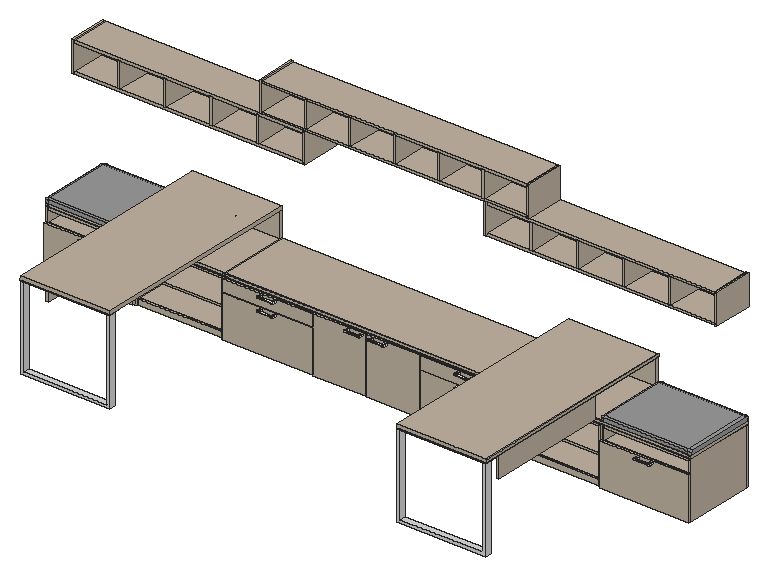
Revit family "JSI-Vision-Typical_Laminate-VST111", category Furniture, Revit 2020 (continued)
Definition of nested family "JSI-Vision-Open_Shelf_File_Modular_Bench_Pedestal"
  Definition of nested family "Label 1-16"
    Reference planes (in)
      plane 2: x = 0
    Text (in)
      label "XX" at (0.00051, -0.12324, 0), shows "Model Name"
Definition of nested family "JSI-Vision-Open_Shelf_Modular_Bench_Pedestal"
  Parameters (values of type "Type Catalog")
    Width = 18"
    URL = "www.jsifurniture.com"
    Top = none
    Tag = "OS"
    Series = "Vision Casegoods"  # constant formula
    Model = "Type Catalog"
    Manufacturer = "JSI"  # constant formula
    Keynote = "12500"
    JSI Enviromental Website = "http://www.jsifurniture.com/jsi_sustainability_intro.php"
    Height = 18 3/4"
    Description = "Type Catalog"
    Depth = 18"
    Default Elevation = 0"
    Chassis = none
    Assembly Code = "E2020200"
  Reference planes (in)
    plane 1 "Center Front/Back": y = 0
    plane 2: z = 0
    plane 3 "Center Left/Right": x = 0
    plane 4: x = 18
    plane 5: x = 0.18716
    plane 6: x = 17.81244
    plane 7: z = 9.375
    plane 8: x = 0.75
    plane 9: x = 17.126
    plane 10: y = -0.8125
    plane 11: y = -17.25
    plane 12: x = 9
    plane 13: z = 18.8591
    plane 14: z = 18.75
    plane 15: z = 8.625
    plane 16: z = 1.9375
    plane 17: z = 1.1875
    plane 18: y = -17.875
    plane 19: y = -16.25
    plane 20: y = -17
    plane 21: y = -18
    plane 22: z = 18.1091
  Forms (in)
    Extrusion 1, solid, material <- "Chassis"
      sketch origin (0.125, -0.1875, 48) x (0, 1, 0) y (0, 0, 1)
        loop
          line (0.1875, -29.1409) -> (-17.0625, -29.1409) -> (-17.0625, -48) -> (0.1875, -48) -> (0.1875, -29.1409)
      from -0.125 to 0.625
    Extrusion 2, solid, material <- "Chassis"
      sketch origin (29.875, -0.1875, 48) x (0, 1, 0) y (0, 0, 1)
        loop
          line (0.1875, -29.1409) -> (-17.0625, -29.1409) -> (-17.0625, -48) -> (0.1875, -48) -> (0.1875, -29.1409)
      from -12.749 to -11.875
    Extrusion 3, solid, material <- "Chassis"
      sketch origin (0, 0, 0) x (1, 0, 0) y (0, 1, 0)
        loop
          line (0.75, -16.25) -> (0.75, -17) -> (17.126, -17) -> (17.126, -16.25) -> (0.75, -16.25)
      from 0 to 1.9375
    Extrusion 4, solid, material <- "Chassis"
      sketch origin (0, 0, 0) x (0, 1, 0) y (0, 0, 1)
        loop
          line (-16.25, 9.375) -> (-16.25, 8.625) -> (-0.25, 8.625) -> (-0.25, 9.375) -> (-16.25, 9.375)
        loop
          line (0, 18.1091) -> (0, 18.8591) -> (-17.25, 18.8591) -> (-17.25, 18.1091) -> (0, 18.1091)
        loop
          line (0, 1.1875) -> (0, 1.9375) -> (-16.25, 1.9375) -> (-16.25, 1.1875) -> (0, 1.1875)
      from 0.75 to 17.126
    Extrusion 5, solid, material <- "Chassis"
      sketch origin (0, 0, 0) x (0, 1, 0) y (0, 0, 1)
        loop
          line (0, 18.1091) -> (-0.25, 18.1091) -> (-0.25, 1.9375) -> (0, 1.9375) -> (0, 18.1091)
      from 0.75 to 17.126
  Lines and regions (in)
    symbolic lines
      curve 1: line (0, -17.875, 0) -> (0, 0, 0)
      curve 2: line (18, -17.875, 0) -> (0, -17.875, 0)
      curve 3: line (18, 0, 0) -> (18, -17.875, 0)
    symbolic lines, detail levels medium+fine
      curve 4: line (0, 0, 0) -> (18, 0, 0)
  Dimensions and locks (in)
    locked: plane 14 to plane 13 at 0.1091
    plane 9 to plane 6 to plane 4 = 0.68644" locked, 0.18756" locked
    plane 3 "Center Left/Right" to plane 5 to plane 8 = 0.18716" locked, 0.56284" locked
    "Width": plane 3 "Center Left/Right" to plane 4
    equal spacing: plane 3 "Center Left/Right", plane 12, plane 4
    locked: plane 1 "Center Front/Back" to plane 10 at 0.8125
    plane 16 to plane 17 to level = 3/4" locked, 1 3/16" locked
    plane 19 to plane 20 to plane 11 to plane 18 to plane 21 = 3/4" locked, 1/4" locked, 5/8" locked, 1/8" locked
    "Depth": plane 1 "Center Front/Back" to plane 21
    locked: plane 13 to plane 22 at 0.75
    "Height": level to plane 14
    locked: plane 1 "Center Front/Back" to Extrusion 5 sketch curve at 0.25
    locked: plane 1 "Center Front/Back" to Extrusion 4 sketch curve at 0.25
    aligned and locked: level to plane 2
    aligned and locked: Extrusion 1 sketch curve to level
    aligned and locked: level to Extrusion 2 sketch curve
    aligned and locked: plane 8 to Extrusion 3 sketch curve
    aligned and locked: plane 12 to nested 1
    aligned and locked: plane 3 "Center Left/Right" to curve 1
    aligned and locked: curve 3 to plane 4
    aligned and locked: plane 7 to Extrusion 4 sketch curve
    aligned and locked: Extrusion 4 sketch curve to plane 15
    aligned and locked: Extrusion 4 to plane 8
    aligned and locked: plane 9 to Extrusion 4
    aligned and locked: plane 19 to Extrusion 3
    aligned and locked: Extrusion 3 to plane 20
    aligned and locked: Extrusion 4 to plane 19
    aligned and locked: plane 13 to Extrusion 4 sketch curve
    aligned and locked: Extrusion 4 sketch curve to plane 11
    aligned and locked: plane 16 to Extrusion 4 sketch curve
    aligned and locked: Extrusion 4 sketch curve to plane 17
    aligned and locked: Extrusion 4 sketch curve to plane 19
    aligned and locked: plane 18 to curve 2
    aligned and locked: nested 1 to plane 21
    aligned and locked: Extrusion 4 to plane 22
    aligned and locked: Extrusion 1 to plane 1 "Center Front/Back"
    aligned and locked: Extrusion 2 to plane 1 "Center Front/Back"
    aligned and locked: Extrusion 4 sketch curve to plane 1 "Center Front/Back"  (x2)
    aligned and locked: plane 1 "Center Front/Back" to Extrusion 5 sketch curve
    aligned and locked: plane 16 to Extrusion 5 sketch curve
    aligned and locked: Extrusion 5 sketch curve to plane 22
    aligned and locked: Extrusion 5 to plane 8
    aligned and locked: plane 9 to Extrusion 5
    aligned and locked: plane 1 "Center Front/Back" to curve 4
    aligned and locked: Extrusion 2 to plane 9
    aligned and locked: plane 4 to Extrusion 2
  Automatic sketch dimensions
    Extrusion 3 sketch curve to plane 9 = 0"
    plane 11 to Extrusion 1 sketch curve = 0"
    plane 11 to Extrusion 2 sketch curve = 0"
    plane 18 to Extrusion 3 sketch curve = 7/8"
    plane 11 to Extrusion 3 sketch curve = 1"
    Extrusion 1 sketch curve to plane 13 = 0"
    Extrusion 2 sketch curve to plane 13 = 0"
    plane 10 to Extrusion 1 sketch curve = 13/16"
    plane 10 to Extrusion 2 sketch curve = 13/16"
    Extrusion 4 sketch curve to plane 19 = 0"
    Extrusion 4 sketch curve to plane 22 = 0"
  Nested families (in)
    nested 1: "Label 1-16" at (9, -18, 0), type "DRWCFG"
  Definition of nested family "Label 1-16"
    Parameters
      Width = 1"
      Model Name = "FF"
    Reference planes (in)
      plane 1: y = 0
      plane 2: x = 0
    Text (in)
      label "XX" at (0.00051, -0.12324, 0), shows "Model Name"
Definition of nested family "JSI-Vision-Bench_Height_Modular_Top"
  Parameters (values of type "Type Catalog")
    Worksurface = none
    Width = 42"
    URL = "www.jsifurniture.com"
    Type Comments = ""
    Series = "Vision Casegoods"  # constant formula
    Model = "Type Catalog"
    Material = ""
    Manufacturer = "JSI"  # constant formula
    Keynote = "12500"
    JSI Enviromental Website = "http://www.jsifurniture.com/jsi_sustainability_intro.php"
    Height = 19 1/2"
    Description = "Type Catalog"
    Depth = 30"
    Default Elevation = 0"
    Assembly Code = "E2020200"
  Reference planes (in)
    plane 1 "Center Front/Back": y = 0
    plane 2: z = 0
    plane 3 "Center Left/Right": x = 0
    plane 4: z = 0
    plane 5: x = 42
    plane 6: y = -30
    plane 7: z = 20.6875
    plane 8: z = 19.5
  Forms (in)
    Extrusion 1, solid, material <- "Worksurface"
      sketch origin (0, 0, 28) x (0, 1, 0) y (0, 0, 1)
        loop
          line (-29.88189, -8.5) -> (0, -8.5) -> (0, -7.3125) -> (-29.88189, -7.3125)
          arc (-29.88189, -7.3125) -> (-29.96541, -7.34709) -> (-30, -7.43061) r 0.11811
          line (-30, -7.43061) -> (-30, -8.38189)
          arc (-30, -8.38189) -> (-29.96541, -8.46541) -> (-29.88189, -8.5) r 0.11811
      from 0 to 42
  Lines and regions (in)
    symbolic lines
      curve 1: line (0, 0, 0) -> (42, 0, 0)
      curve 2: line (0, -30, 0) -> (0, 0, 0)
      curve 3: line (42, -30, 0) -> (0, -30, 0)
      curve 4: line (42, 0, 0) -> (42, -30, 0)
  Dimensions and locks (in)
    "Depth": plane 6 to plane 1 "Center Front/Back"
    "Width": plane 5 to plane 3 "Center Left/Right"
    locked: plane 7 to plane 8 at 1.1875
    "Height": plane 8 to level
    aligned and locked: level to plane 2
    aligned and locked: plane 5 to Extrusion 1
    aligned and locked: curve 1 to Extrusion 1
    aligned and locked: curve 2 to Extrusion 1
    aligned and locked: plane 6 to curve 3
    aligned and locked: curve 4 to plane 5
    aligned and locked: Extrusion 1 to plane 8
    aligned and locked: Extrusion 1 to plane 7
  Automatic sketch dimensions
    Extrusion 1 sketch curve to plane 6 = 0"
    level to Extrusion 1 sketch curve = 19 1/2"
    Extrusion 1 sketch curve to plane 7 = 0"
    Extrusion 1 sketch curve to plane 1 "Center Front/Back" = 0"
    Extrusion 1 sketch curve to Extrusion 1 sketch curve = 0.11811"
    plane 6 to Extrusion 1 sketch curve = 0.11811"
Definition of nested family "JSI-Vision-Metal_Rectangular_Base"
  Parameters (values of type "VSB3028FSQ, Metal Rectangular Base for Peninsula 28 5/16"H")
    Width = 29 13/16"
    URL = "www.jsifurniture.com"
    Type Comments = ""
    Series = "Vision Casegoods"  # constant formula
    Model = "VSB3028FSQ"
    Manufacturer = "JSI"  # constant formula
    Keynote = "12500"  # constant formula
    JSI Enviromental Website = "http://www.jsifurniture.com/jsi_sustainability_intro.php"
    Height = 28 5/16"
    Glide Finish = none
    Depth = 2"
    Default Elevation = 0"
    Base Finish = none
    Description = "Metal Rectangular Base for Peninsula 29 13/16\"W x 2\"D x 28 5/16\"H"
    Assembly Code = "E2020200"
  Reference planes (in)
    plane 1 "Center Front/Back": y = 0
    plane 2: z = 0
    plane 3 "Center Left/Right": x = 0
    plane 4: z = 0
    plane 5: z = 28.3125
    plane 6: x = -3
    plane 7: x = -1
    plane 8: y = -29.8125
    plane 9: x = 1
    plane 10: z = 28.0625
    plane 11: y = -2
    plane 12: y = -27.8125
  Forms (in)
    Sweep 1, solid, material <- "Base Finish"
      path origin (0, 0, 0) x (0, 1, 0) y (0, 0, 1)
        loop
          line (-29.8125, 28.0625) -> (-29.8125, 0.25) -> (0, 0.25) -> (0, 28.0625)
      profile origin (0, -29.8125, 14.15625) x (1, 0, 0) y (0, 1, 0)
        loop
          line (-1, 1) -> (-1, 0) -> (1, 0) -> (1, 1) -> (-1, 1)
    Extrusion 2, solid, material <- "Base Finish"
      sketch origin (0, 0, 0) x (1, 0, 0) y (0, 1, 0)
        loop
          line (-3, 0) -> (-3, -29.8125) -> (1, -29.8125) -> (1, 0) -> (-3, 0)
      from 28.3125 to 28.0625
    Revolve 3, solid, material <- "Glide Finish"
      sketch origin (0, 0, 0) x (0, 1, 0) y (0, 0, 1)
        loop
          line (-2, 0.75) -> (-2, 0) -> (-1.76145, 0)
          arc (-1.76145, 0) -> (-1.7185, 0.01649) -> (-1.69761, 0.05748) r 0.06418
          line (-1.69761, 0.05748) -> (-1.67738, 0.25) -> (-1.90202, 0.25) -> (-1.90202, 0.75) -> (-2, 0.75)
        axis (-2, 0.75) -> (-2, 0)
      angle from 0 to 360
    Revolve 4, solid, material <- "Glide Finish"
      sketch origin (0, 0, 0) x (0, 1, 0) y (0, 0, 1)
        loop
          line (-27.8125, 0.75) -> (-27.8125, 0) -> (-27.57395, 0)
          arc (-27.57395, 0) -> (-27.531, 0.01649) -> (-27.51011, 0.05748) r 0.06418
          line (-27.51011, 0.05748) -> (-27.48988, 0.25) -> (-27.71452, 0.25) -> (-27.71452, 0.75) -> (-27.8125, 0.75)
        axis (-27.8125, 0.75) -> (-27.8125, 0)
      angle from 0 to 360
  Lines and regions (in)
    symbolic lines
      curve 1: line (-3, 0, 0) -> (-3, -29.8125, 0)
      curve 2: line (-3, -29.8125, 0) -> (1, -29.8125, 0)
      curve 3: line (1, -29.8125, 0) -> (1, 0, 0)
      curve 4: line (1, 0, 0) -> (-3, 0, 0)
      curve 5: line (-1, 0, 0) -> (-1, -29.8125, 0)
  Dimensions and locks (in)
    equal spacing: plane 7, plane 3 "Center Left/Right", plane 9, locked at 1 each
    "Width": plane 1 "Center Front/Back" to plane 8
    "Height": plane 5 to plane 4
    locked: plane 10 to plane 5 at 0.25
    locked: Sweep 1 sketch curve to plane 4 at 0.25
    locked: plane 8 to Sweep 1 sketch curve at 1
    locked: plane 1 "Center Front/Back" to plane 11 at 2
    locked: plane 12 to plane 8 at 2
    Revolve 3 sketch curve to Revolve 3 sketch curve to Revolve 3 sketch curve to plane 4 = 1/2" locked, 0.18582" locked, 0.06418" locked
    plane 11 to Revolve 3 sketch curve to Revolve 3 sketch curve to Revolve 3 sketch curve = 0.09798" locked, 0.14057" locked, 0.08407" locked
    Revolve 4 sketch curve to Revolve 4 sketch curve to Revolve 4 sketch curve = 1/2" locked, 0.18582" locked
    Revolve 4 sketch curve to Revolve 4 sketch curve to Revolve 4 sketch curve to Revolve 4 sketch curve = 0.09798" locked, 0.14057" locked, 0.08407" locked
    "Depth": plane 7 to plane 9
    locked: plane 6 to plane 7 at 2
    aligned and locked: level to plane 2
    aligned and locked: plane 10 to Sweep 1 sketch curve  (x2)
    aligned and locked: plane 9 to Sweep 1 sketch curve
    aligned and locked: plane 8 to Sweep 1 sketch curve
    aligned and locked: Extrusion 2 sketch curve to plane 1 "Center Front/Back"
    aligned and locked: Extrusion 2 sketch curve to plane 8
    aligned and locked: Extrusion 2 sketch curve to plane 9
    aligned and locked: Revolve 3 sketch curve to plane 11
    aligned and locked: plane 11 to Revolve 3 sketch curve
    aligned and locked: plane 12 to Revolve 4 sketch curve  (x2)
    aligned and locked: plane 3 "Center Left/Right" to Revolve 3
    aligned and locked: plane 3 "Center Left/Right" to Revolve 4
    aligned and locked: Sweep 1 sketch curve to plane 7
    aligned and locked: plane 6 to Extrusion 2
    aligned and locked: Extrusion 2 to plane 9
    aligned and locked: curve 1 to Extrusion 2
    aligned and locked: curve 2 to Extrusion 2
    aligned and locked: curve 3 to Extrusion 2
    aligned and locked: curve 4 to Extrusion 2
    aligned and locked: curve 5 to Sweep 1
  Automatic sketch dimensions
    Sweep 1 sketch curve to plane 8 = 0"
    Sweep 1 sketch curve to plane 1 "Center Front/Back" = 0"
    Extrusion 2 sketch curve to plane 8 = 0"
    Revolve 3 sketch curve to level = 0"
    level to Revolve 3 sketch curve = 0.05748"
    Revolve 3 sketch curve to level = 0.22225"
    Revolve 3 sketch curve to Revolve 3 sketch curve = 0.09538"
    Revolve 4 sketch curve to level = 0"
    level to Revolve 4 sketch curve = 0.05748"
    Revolve 4 sketch curve to Revolve 4 sketch curve = 0.06383"
    Revolve 4 sketch curve to level = 0.22225"
    Revolve 4 sketch curve to Revolve 4 sketch curve = 0.09538"
    plane 7 to Extrusion 2 sketch curve = 2"
Definition of nested family "JSI-Vision-Support_Rail_Work_Surface"
  Parameters (values of type "GP0243SB, Metal Support Rail for Work Surface  2W 43 L 3/4H")
    Width = 43"
    URL = "www.jsifurniture.com"
    Type Comments = ""
    Series = "Vision Casegoods"  # constant formula
    Support Finish = none
    Model = "GP0243SB"
    Material = ""
    Manufacturer = "JSI"  # constant formula
    Keynote = "12500"  # constant formula
    JSI Enviromental Website = "http://www.jsifurniture.com/jsi_sustainability_intro.php"
    Height = 25/32"
    Description = "Metal Support Rail for Work Surface  2W 43 L 3/4H"
    Depth = 2"
    Default Elevation = 0"
    Assembly Code = "E2020200"
  Types (3): name | Width | Model | Description
    GP0243SB, Metal Support Rail for Work Surface  2W 43 L 3/4H | 43" | "GP0243SB" | "Metal Support Rail for Work Surface  2W 43 L 3/4H"
    GP0249SB, Metal Support Rail for Work Surface  2W49 L 3/4H | 49" | "GP0249SB" | "Metal Support Rail for Work Surface  2W49 L 3/4H"
    GP0255SB, Metal Support Rail for Work Surface  2W 55 L 3/4H | 55" | "GP0255SB" | "Metal Support Rail for Work Surface  2W 55 L 3/4H"
  Reference planes (in)
    plane 1 "Center Front/Back": y = 0
    plane 2: z = 0
    plane 3 "Center Left/Right": x = 0
    plane 4: z = 0
    plane 5: z = 27.81222
    plane 6: x = 43
    plane 7: y = -2
  Forms (in)
    Extrusion 1, solid, material <- "Support Finish"
      sketch origin (0, 0, 0) x (0, 1, 0) y (0, 0, 1)
        loop
          line (0, 27.74972) -> (0, 27.81222) -> (-0.53345, 27.81222) -> (-1, 27.11239) -> (-1.46655, 27.81222) -> (-2, 27.81222) -> (-2, 27.74972) -> (-1.5, 27.74972) -> (-1.04048, 27.06043)
          arc (-1.04048, 27.06043) -> (-1, 27.03877) -> (-0.95952, 27.06043) r 0.04865
          line (-0.95952, 27.06043) -> (-0.5, 27.74972) -> (0, 27.74972)
      from 0 to 43
  Lines and regions (in)
    symbolic lines
      curve 1: line (0, 0, 0) -> (43, 0, 0)
      curve 2: line (0, -2, 0) -> (0, 0, 0)
      curve 3: line (43, -2, 0) -> (0, -2, 0)
      curve 4: line (43, 0, 0) -> (43, -2, 0)
      curve 5: line (0, -1.46655, 0) -> (43, -1.46655, 0)
      curve 6: line (43, -0.53345, 0) -> (0, -0.53345, 0)
      curve 7: line (0, -1, 0) -> (43, -1, 0)
  Dimensions and locks (in)
    "Width": plane 3 "Center Left/Right" to plane 6
    "Depth": plane 1 "Center Front/Back" to plane 7
    aligned and locked: level to plane 2
    aligned and locked: plane 4 to plane 2
    aligned and locked: Extrusion 1 to plane 3 "Center Left/Right"
    aligned and locked: plane 6 to Extrusion 1
    aligned and locked: plane 3 "Center Left/Right" to curve 2
    aligned and locked: curve 4 to plane 6
    aligned and locked: plane 1 "Center Front/Back" to curve 1
    aligned and locked: plane 7 to curve 3
    aligned and locked: curve 5 to Extrusion 1
    aligned and locked: curve 6 to Extrusion 1
    aligned and locked: curve 7 to Extrusion 1
  Automatic sketch dimensions
    Extrusion 1 sketch curve to plane 7 = 0"
    Extrusion 1 sketch curve to plane 5 = 0"  (x2)
    Extrusion 1 sketch curve to plane 1 "Center Front/Back" = 0"
    Extrusion 1 sketch curve to plane 5 = 1/16"  (x2)
    Extrusion 1 sketch curve to Extrusion 1 sketch curve = 1/2"
    Extrusion 1 sketch curve to Extrusion 1 sketch curve = 0.03345"  (x2)
    Extrusion 1 sketch curve to Extrusion 1 sketch curve = 0.45952"
    Extrusion 1 sketch curve to Extrusion 1 sketch curve = 0.04048"  (x2)
    Extrusion 1 sketch curve to Extrusion 1 sketch curve = 0"
    Extrusion 1 sketch curve to Extrusion 1 sketch curve = 0.53345"
    Extrusion 1 sketch curve to plane 5 = 0.69983"
    Extrusion 1 sketch curve to Extrusion 1 sketch curve = 0.02498"
    Extrusion 1 sketch curve to Extrusion 1 sketch curve = 0.02698"
Definition of nested family "JSI-Vision-Adj_Bridge_Modesty"
  Parameters (values of type "Modesty for Adj Bridge - Type Catalog Family")
    Width = 40"
    URL = "www.jsifurniture.com"
    Type Comments = ""
    Series = "Vision Casegoods"  # constant formula
    JSI Enviromental Website = "http://www.jsifurniture.com/jsi_sustainability_intro.php"
    Panel = none
    Height-Panel = 9"
    Height = 30"
    Default Elevation = 0"
    Bracket = none
    Model = "Type Catalog"
    Material = ""
    Manufacturer = "JSI"  # constant formula
    Keynote = "12500"  # constant formula
    Description = "Type Catalog"
    Assembly Code = "E2020200"
  Reference planes (in)
    plane 1 "Center Front/Back": y = 0
    plane 2: z = 0
    plane 3 "Center Left/Right": x = 0
    plane 4: z = 30
    plane 5: y = -0.75
    plane 6: x = 20
    plane 7: x = 40
    plane 8: z = 28.8125
    plane 9: x = 8.375
    plane 10: x = 31.625
    plane 11: z = 19.8125
  Forms (in)
    Extrusion 1, solid, material <- "Panel"
      sketch origin (-12, -1, 0) x (1, 0, 0) y (0, 0, -1)
        loop
          line (12, -28.8125) -> (52, -28.8125) -> (52, -19.8125) -> (12, -19.8125) -> (12, -28.8125)
      from 0.25 to 1
    Extrusion 2, solid, material <- "Bracket", detail levels medium+fine
      sketch origin (-12, -1, 0) x (0, -1, 0) y (0, 0, -1)
        loop
          line (1, -28.8125) -> (1, -28.6875) -> (-0.125, -28.6875) -> (-0.125, -22.8125) -> (-0.25, -22.8125) -> (-0.25, -28.8125) -> (1, -28.8125)
      from 20 to 20.75
    Extrusion 3, solid, material <- "Bracket", detail levels medium+fine
      sketch origin (11.625, -1, 0) x (0, -1, 0) y (0, 0, -1)
        loop
          line (1, -28.8125) -> (1, -28.6875) -> (-0.125, -28.6875) -> (-0.125, -22.8125) -> (-0.25, -22.8125) -> (-0.25, -28.8125) -> (1, -28.8125)
      from 8 to 8.75
    Extrusion 4, solid, material <- "Bracket", detail levels medium+fine
      sketch origin (35.25, -1, 0) x (0, -1, 0) y (0, 0, -1)
        loop
          line (1, -28.8125) -> (1, -28.6875) -> (-0.125, -28.6875) -> (-0.125, -22.8125) -> (-0.25, -22.8125) -> (-0.25, -28.8125) -> (1, -28.8125)
      from -4 to -3.25
  Lines and regions (in)
    symbolic lines
      curve 1: line (0, 0, 0) -> (40, 0, 0)
      curve 2: line (0, -0.75, 0) -> (0, 0, 0)
      curve 3: line (40, -0.75, 0) -> (0, -0.75, 0)
      curve 4: line (40, 0, 0) -> (40, -0.75, 0)
  Dimensions and locks (in)
    locked: Extrusion 2 to Extrusion 2 at 0.75
    locked: Extrusion 3 to Extrusion 3 at 0.75
    locked: Extrusion 4 to Extrusion 4 at 0.75
    locked: plane 10 to plane 7 at 8.375
    equal spacing: Extrusion 2, plane 9, Extrusion 2
    equal spacing: Extrusion 4, plane 10, Extrusion 4
    "Height": plane 4 to plane 2
    "Height-Panel": plane 8 to plane 11
    locked: plane 4 to plane 8 at 1.1875
    equal spacing: plane 3 "Center Left/Right", plane 6, plane 7
    "Width": plane 3 "Center Left/Right" to plane 7
    equal spacing: Extrusion 3, plane 6, Extrusion 3
    locked: plane 3 "Center Left/Right" to plane 9 at 8.375
    aligned and locked: level to plane 2
    aligned and locked: Extrusion 1 to plane 5
    aligned and locked: Extrusion 1 to plane 7
    aligned and locked: plane 8 to Extrusion 1
    aligned and locked: plane 8 to Extrusion 2
    aligned and locked: plane 8 to Extrusion 3
    aligned and locked: plane 8 to Extrusion 4
    aligned and locked: curve 3 to Extrusion 1
    aligned and locked: plane 7 to curve 4
    aligned and locked: curve 1 to Extrusion 1
    aligned and locked: Extrusion 1 to plane 11
    aligned and locked: Extrusion 1 to plane 1 "Center Front/Back"
    aligned and locked: Extrusion 1 to plane 3 "Center Left/Right"
  Automatic sketch dimensions
    plane 7 to Extrusion 1 sketch curve = 0"
    Extrusion 1 sketch curve to plane 8 = 0"
    Extrusion 1 sketch curve to Extrusion 1 sketch curve = 9"
    Extrusion 2 sketch curve to plane 5 = 0"
    Extrusion 2 sketch curve to plane 8 = 0"
    Extrusion 2 sketch curve to Extrusion 2 sketch curve = 1/8"
    Extrusion 2 sketch curve to plane 8 = 1/8"
    Extrusion 2 sketch curve to Extrusion 2 sketch curve = 1 1/8"
    Extrusion 2 sketch curve to Extrusion 2 sketch curve = 5 7/8"
    Extrusion 3 sketch curve to plane 5 = 0"
    Extrusion 3 sketch curve to plane 8 = 0"
    Extrusion 3 sketch curve to Extrusion 3 sketch curve = 1/8"
    Extrusion 3 sketch curve to plane 8 = 1/8"
    Extrusion 3 sketch curve to Extrusion 3 sketch curve = 1 1/8"
    Extrusion 3 sketch curve to Extrusion 3 sketch curve = 5 7/8"
    Extrusion 4 sketch curve to plane 5 = 0"
    Extrusion 4 sketch curve to plane 8 = 0"
    Extrusion 4 sketch curve to Extrusion 4 sketch curve = 1/8"
    Extrusion 4 sketch curve to plane 8 = 1/8"
    Extrusion 4 sketch curve to Extrusion 4 sketch curve = 1 1/8"
    Extrusion 4 sketch curve to Extrusion 4 sketch curve = 5 7/8"
    plane 9 to curve 1 = 8 3/8"
    plane 9 to Extrusion 1 sketch curve = 8 3/8"
Definition of nested family "JSI-Vision-Filler_Back_Panel_for_Bench_Height"
  Parameters (values of type "VSTB0419MBK, Filler Back Panel for Bench Height 18 3/4"H, 4"W")
    Width = 4"
    URL = "www.jsifurniture.com"
    Type Comments = ""
    Series = "Vision Casegoods"  # constant formula
    Back Finish = none
    Model = "VSTB0419MBK"
    Material = ""
    Manufacturer = "JSI"  # constant formula
    Keynote = "12500"  # constant formula
    JSI Enviromental Website = "http://www.jsifurniture.com/jsi_sustainability_intro.php"
    Height = 18 3/4"
    Description = "Filler Back Panel Laminate for Bench Height 3/4\"D x 18 3/4\"H x 4\"W"
    Depth = 3/4"
    Default Elevation = 0"
    Assembly Code = "E2020200"
  Types (2): name | Model | Description
    VSTB0419MBK, Filler Back Panel for Bench Height 18 3/4"H, 4"W | "VSTB0419MBK" | "Filler Back Panel Laminate for Bench Height 3/4\"D x 18 3/4\"H x 4\"W"
    VSVB0419MBK, Filler Back Panel for Bench Height 18 3/4"H, 4"W | "VSVB0419MBK" | "Filler Back Panel Veneer for Bench Height 3/4\"D x 18 3/4\"H x 4\"W"
  Reference planes (in)
    plane 1 "Center Front/Back": y = 0
    plane 2: z = 0
    plane 3 "Center Left/Right": x = 0
    plane 4: z = 0
    plane 5: x = 4
    plane 6: z = 18.75
    plane 7: y = -0.75
  Forms (in)
    Extrusion 1, solid, material <- "Back Finish"
      sketch origin (0, 1.5625, 0) x (1, 0, 0) y (0, 1, 0)
        loop
          line (0, -1.5625) -> (0, -2.3125) -> (4, -2.3125) -> (4, -1.5625) -> (0, -1.5625)
      from 0 to 18.75
  Lines and regions (in)
    symbolic lines
      curve 1: line (0, 0, 0) -> (4, 0, 0)
      curve 2: line (0, -0.75, 0) -> (0, 0, 0)
      curve 3: line (4, -0.75, 0) -> (0, -0.75, 0)
      curve 4: line (4, 0, 0) -> (4, -0.75, 0)
  Dimensions and locks (in)
    "Height": plane 6 to plane 4
    "Depth": plane 7 to plane 1 "Center Front/Back"
    "Width": plane 3 "Center Left/Right" to plane 5
    aligned and locked: level to plane 2
    aligned and locked: plane 6 to Extrusion 1
    aligned and locked: Extrusion 1 to plane 7
    aligned and locked: Extrusion 1 to plane 3 "Center Left/Right"
    aligned and locked: Extrusion 1 to plane 4
    aligned and locked: plane 5 to Extrusion 1
    aligned and locked: curve 1 to Extrusion 1
    aligned and locked: curve 2 to Extrusion 1
    aligned and locked: curve 3 to Extrusion 1
    aligned and locked: curve 4 to Extrusion 1
    aligned and locked: Extrusion 1 to plane 1 "Center Front/Back"
  Automatic sketch dimensions
    Extrusion 1 sketch curve to plane 3 "Center Left/Right" = 0"
    Extrusion 1 sketch curve to plane 5 = 0"
    Extrusion 1 sketch curve to plane 7 = 0"
    Extrusion 1 sketch curve to Extrusion 1 sketch curve = 3/4"
